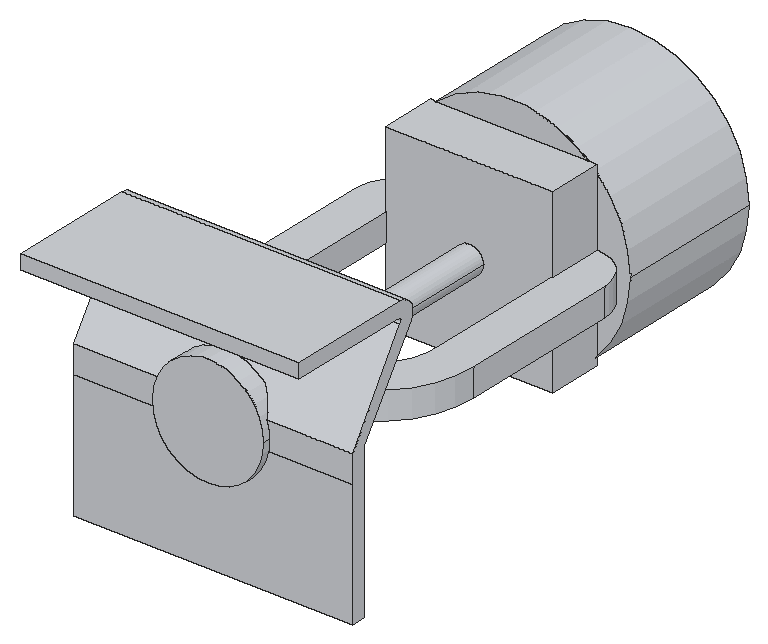
Revit family
Parameters (values of type "RASCO F1FR QREC EC9")
  Temperature Rating = 155 °F
  Response = 1
  RASCO SIN # = "R4862"
  RASCO Part # = "F1FREC91B"
  Pressure Rating = "300 PSI"
  Pressure Class = 1
  Orifice Size = 17/32"
  Orifice = (empty or 0)
  Model = "F1FR"
  Manufacturer = "RASCO"
  K-Factor = 8
  Description = "Bronze Finish"
  Coverage = 1
Reference planes (in)
  plane 1 "Center (Front/Back)": y = 0
  plane 2: z = 0
  plane 3 "Center (Left/Right)": x = 0
Dimensions and locks (in)
  aligned and locked: plane 2 to level
Nested families (in)
  nested 1: "RASCO- F1FREC91B" at (-4.13928, -0.61466, 0), type "RASCO F1FR OREC EC9"
Connectors (in)
  piping at (-4.15164, 0.73459, 1.25584)
    settings: on nested 1, index 1, connector radius 17/32", flow factor 0, pipe flow 0 GPM, pressure drop 0.00 psi, fitting loss kfactor 0, connector angle 0.00°, fixture units 0, flow configuration 0, flow direction 0, fitting loss method 0, system type 7, connector reference index -1, connector utility 0, adjustable connector no, is connector primary yes, fitting loss table "", connector description ""
Definition of nested family "RASCO- F1FREC91B"
  Parameters (values of type "RASCO F1FR OREC EC9")
    Type Comments = ""
    Temperature Rating = 0 °F
    Response = (empty or 0)
    Pressure Rating = "0"
    Pressure Class = (empty or 0)
    Orifice Size = 0"
    Orifice = (empty or 0)
    Model = ""
    Manufacturer = ""
    K-Factor = 0
    Description = ""
    Coverage = (empty or 0)
    Assembly Code = ""
  Reference planes (in)
    plane 1 "Center (Front/Back)": y = 0
    plane 2: z = 0
    plane 3 "ref.2": z = 0.6875
    plane 4 "ref.3": z = 0.9375
    plane 5: x = -0.38065
    plane 6: x = 0.36935
    plane 7 "ref. side 1": y = 0.06402
    plane 8 "ref. side 2": y = -0.06098
    plane 9 "ref.4": z = 1.875
    plane 10 "ref.5": z = 2.3125
    plane 11 "ref.6": z = 2.4375
    plane 12 "center": x = -0.00574
  Forms (in)
    Extrusion 1, solid
      sketch origin (-0.01236, 1.37309, 1.25584) x (-1, 0, 0) y (0, 0, -1)
        loop
          circle (0, 0) r 0.53125
      from 0.02383 to 0.6875
    Extrusion 2, solid
      sketch origin (0.10949, 0.68559, 1.20407) x (-1, 0, 0) y (0, 0, -1)
        loop
          line (-0.2588, 0.356) -> (-0.2588, -0.4565) -> (0.4912, -0.4565) -> (0.4912, 0.356) -> (-0.2588, 0.356)
      from 0 to 0.25
    Extrusion 3, solid
      sketch origin (-0.01236, 1.3722, 1.25584) x (-1, 0, 0) y (0, -1, 0)
        loop
          line (-0.38065, 0.68754) -> (-0.38065, 1.58397)
          arc (-0.38065, 1.58397) -> (-0.29541, 1.78976) -> (-0.08962, 1.875) r 0.29103
          line (-0.08962, 1.875) -> (0.07524, 1.875)
          arc (0.07524, 1.875) -> (0.28321, 1.78886) -> (0.36935, 1.58089) r 0.29411
          line (0.36935, 1.58089) -> (0.36935, 0.68751)
          arc (0.36935, 0.68751) -> (0.50207, 0.74393) -> (0.55685, 0.87734) r 0.18984
          line (0.55685, 0.87734) -> (0.55685, 1.61676)
          arc (0.55685, 1.61676) -> (0.42629, 1.93194) -> (0.11111, 2.0625) r 0.44574
          line (0.11111, 2.0625) -> (-0.12259, 2.0625)
          arc (-0.12259, 2.0625) -> (-0.43765, 1.932) -> (-0.56815, 1.61694) r 0.44556
          line (-0.56815, 1.61694) -> (-0.56815, 0.87876)
          arc (-0.56815, 0.87876) -> (-0.51345, 0.74486) -> (-0.38065, 0.68754) r 0.19126
      from -0.06402 to 0.06098
    Extrusion 4, solid
      sketch origin (-0.01236, 0.43559, 1.25584) x (1, 0, 0) y (0, 0, 1)
        loop
          circle (0.00574, -0.00152) r 0.0625
      from 0 to 0.9375
    Extrusion 5, solid
      sketch origin (-0.01236, -0.50191, 1.25584) x (1, 0, 0) y (0, 0, 1)
        loop
          circle (0.00574, -0.00152) r 0.1875
      from 0 to 0.4375
    Extrusion 6, solid
      sketch origin (-0.01236, -0.89954, 1.2504) x (-1, 0, 0) y (0, 0, 1)
        loop
          circle (-0.00574, -0.00245) r 0.25
      from -0.13498 to -0.03987
    Extrusion 7, solid
      sketch origin (-0.00662, 1.2679, 1.26334) x (0, -1, 0) y (0, 0, 1)
        loop
          line (2.27263, -0.06402) -> (2.27263, 0.06098) -> (2.00466, 0.4658)
          arc (2.00466, 0.4658) -> (2.00382, 0.48409) -> (2.01953, 0.49348) r 0.01783
          line (2.01953, 0.49348) -> (2.57559, 0.49348) -> (2.57559, 0.55848) -> (2.00257, 0.55848)
          arc (2.00257, 0.55848) -> (1.94355, 0.52319) -> (1.9467, 0.4545) r 0.067
          line (1.9467, 0.4545) -> (2.20719, 0.06098) -> (2.20719, -0.62964) -> (2.27263, -0.62964) -> (2.27263, -0.06402)
      from -0.62515 to 0.62904
  Cuts and joins
    joined: Extrusion 1, Extrusion 2, Extrusion 4
